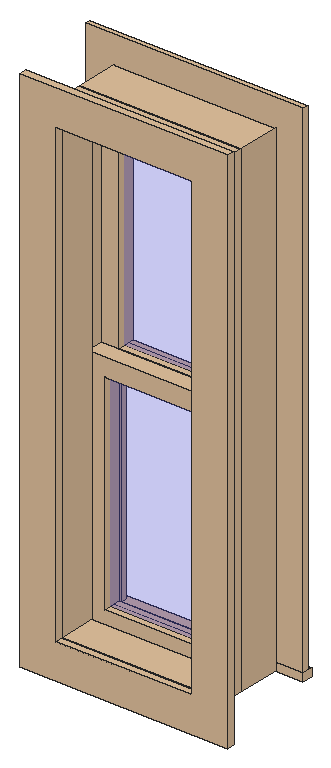
Revit family
Parameters (values of type "0406 x 1220mm")
  Glass Pane Material = Glass
  Height = 1220.00 mm
  Sash = Sash
  Default Sill Height = 915.00 mm
  Trim Exterior Material = Trim
  Trim Interior Material = Trim
  Trim Projection - Ext. = 13.00 mm
  Trim Projection - Int. = 19.00 mm
  Trim Width - Exterior = 89.00 mm
  Trim Width - Interior = 89.00 mm
  Wall Closure = (empty or 0)
  Width = 406.00 mm
  Window Inset = 19.00 mm
Types (10, lengths in mm): name | Height | Default Sill Height | Width
  (no name) | 1220.00 | 915.00 | 406.00
  0915 x 1220mm | 1220.00 | 915.00 | 915.00
  0610 x 1220mm | 1220.00 | 915.00 | 610.00
  0610 x 0610mm | 610.00 | 915.00 | 610.00
  0406 x 0610mm | 610.00 | 915.00 | 406.00
  0406 x 1220mm | 1220.00 | 915.00 | 406.00
  0406 x 1830mm | 1830.00 | 305.00 | 406.00
  0610 x 1830mm | 1830.00 | 305.00 | 610.00
  0915 x 0610mm | 610.00 | 915.00 | 915.00
  0915 x 1830mm | 1830.00 | 305.00 | 915.00
Reference planes
  plane 1: y = 0
  plane 2: z = 0
  plane 3 "Center": x = 0
  plane 4 "Left": x = -203
  plane 5 "Right": x = 203
  plane 6 "Sill": z = 915
  plane 7 "Top": z = 2135
  plane 8: y = 101.6
  plane 9: y = -101.6
  plane 10: y = 82.6
  plane 11: z = 1525
  plane 12: x = -183.95
  plane 13: x = -272.95
  plane 14: x = -260.25
  plane 15: x = -171.25
  plane 16: x = 273.05
  plane 17: x = 272.95
  plane 18: x = 171.25
  plane 19: x = 260.25
  plane 20: x = 183.95
  plane 21: z = 2204.95
  plane 22: z = 2192.25
  plane 23: z = 2115.95
  plane 24: z = 857.75
  plane 25: z = 946.75
  plane 26: z = 2103.25
  plane 27 "Closure": y = 9.575
Forms (mm)
  Extrusion 1, solid, material "Trim" <- "Trim Exterior Material"
    sketch origin (0, 0, 0) x (1, 0, 0) y (0, 0, 1)
      loop
        line (-203, 2135) -> (-203, 915) -> (203, 915) -> (203, 2135) -> (-203, 2135)
      loop
        line (-183.95, 2115.95) -> (-183.95, 934.05) -> (183.95, 934.05) -> (183.95, 2115.95) -> (-183.95, 2115.95)
    from -101.6 to 6.3
  Extrusion 2, solid, material "Trim" <- "Trim Interior Material"
    sketch origin (0, 0, 0) x (-1, 0, 0) y (0, 0, 1)
      loop
        line (-203, 2135) -> (-203, 915) -> (203, 915) -> (203, 2135) -> (-203, 2135)
      loop
        line (-171.25, 2103.25) -> (-171.25, 946.75) -> (171.25, 946.75) -> (171.25, 2103.25) -> (-171.25, 2103.25)
    from -6.3 to -101.6
  Extrusion 3, solid, material "Sash" <- "Sash"
    sketch origin (0, 0, 0) x (-1, 0, 0) y (0, 0, 1)
      loop
        line (-183.95, 2115.95) -> (-183.95, 1502.775) -> (183.95, 1502.775) -> (183.95, 2115.95) -> (-183.95, 2115.95)
      loop
        line (-139.5, 2071.5) -> (-139.5, 1547.225) -> (139.5, 1547.225) -> (139.5, 2071.5) -> (-139.5, 2071.5)
    from 38.15 to 82.6
  Extrusion 4, solid, material "Glass" <- "Glass Pane Material"
    sketch origin (-124.971, 0, -117.036) x (1, 0, 0) y (0, 0, 1)
      loop
        line (-14.529, 2188.536) -> (-14.529, 1664.261) -> (264.471, 1664.261) -> (264.471, 2188.536) -> (-14.529, 2188.536)
    from -66.725 to -54.025
  Extrusion 5, solid, material "Trim" <- "Trim Interior Material"
    sketch origin (0, 0, 0) x (1, 0, 0) y (0, 0, 1)
      loop
        line (-171.25, 2103.25) -> (-171.25, 946.75) -> (171.25, 946.75) -> (171.25, 2103.25) -> (-171.25, 2103.25)
      loop
        line (-260.25, 2192.25) -> (-260.25, 857.75) -> (260.25, 857.75) -> (260.25, 2192.25) -> (-260.25, 2192.25)
    from 101.6 to 120.6
  Extrusion 6, solid, material "Trim" <- "Trim Exterior Material"
    sketch origin (0, 0, 0) x (-1, 0, 0) y (0, 0, 1)
      loop
        line (-183.95, 2115.95) -> (183.95, 2115.95) -> (183.95, 934.05) -> (272.95, 934.05) -> (272.95, 2204.95) -> (-272.95, 2204.95) -> (-272.95, 934.05) -> (-183.95, 934.05) -> (-183.95, 2115.95)
    from 101.6 to 114.6
  Extrusion 7, solid, material "Trim" <- "Trim Exterior Material"
    sketch origin (0, 0, 0) x (-1, 0, 0) y (0, 0, 1)
      loop
        line (-272.95, 934.05) -> (-272.95, 915) -> (272.95, 915) -> (272.95, 934.05) -> (-272.95, 934.05)
    from 101.6 to 127.3
  Extrusion 8, solid, material "Sash" <- "Sash"
    sketch origin (0, 0, 0) x (-1, 0, 0) y (0, 0, 1)
      loop
        line (-183.95, 1547.225) -> (-183.95, 934.05) -> (183.95, 934.05) -> (183.95, 1547.225) -> (-183.95, 1547.225)
      loop
        line (-139.5, 1502.775) -> (-139.5, 978.5) -> (139.5, 978.5) -> (139.5, 1502.775) -> (-139.5, 1502.775)
    from -6.3 to 38.15
  Extrusion 9, solid, material "Glass" <- "Glass Pane Material"
    sketch origin (0, 0, 0) x (-1, 0, 0) y (0, 0, 1)
      loop
        line (-139.5, 978.5) -> (139.5, 978.5) -> (139.5, 1502.775) -> (-139.5, 1502.775) -> (-139.5, 978.5)
    from 9.575 to 22.275
Lines and regions (mm)
  Opening 1
    outline origin (-1524, -101.6, 0) x (1, 0, 0) y (0, 0, 1)
      loop
        line (1321, 2135) -> (1321, 915) -> (1727, 915) -> (1727, 2135) -> (1321, 2135)
  symbolic lines, style "WindowsFrameMullionProjection"
    curve 1: line (-203, 101.6, 0) -> (-183.95, 101.6, 0)
    curve 2: line (-183.95, -6.3, 0) -> (-183.95, 101.6, 0)
    curve 3: line (-183.95, -6.3, 0) -> (-171.25, -6.3, 0)
    curve 4: line (-171.25, -101.6, 0) -> (-171.25, -6.3, 0)
    curve 5: line (203, 101.6, 0) -> (183.95, 101.6, 0)
    curve 6: line (171.25, -6.3, 0) -> (171.25, -101.6, 0)
    curve 7: line (171.25, -6.3, 0) -> (183.95, -6.3, 0)
    curve 8: line (183.95, -6.3, 0) -> (183.95, 101.6, 0)
    curve 9: line (-183.95, 38.15, 0) -> (-139.5, 38.15, 0)
    curve 10: line (-183.95, 38.15, 0) -> (-183.95, -6.3, 0)
    curve 11: line (-183.95, -6.3, 0) -> (-139.5, -6.3, 0)
    curve 12: line (-139.5, 38.15, 0) -> (-139.5, -6.3, 0)
    curve 13: line (183.95, 38.15, 0) -> (139.5, 38.15, 0)
    curve 14: line (183.95, 38.15, 0) -> (183.95, -6.3, 0)
    curve 15: line (183.95, -6.3, 0) -> (139.5, -6.3, 0)
    curve 16: line (139.5, 38.15, 0) -> (139.5, -6.3, 0)
    curve 18: line (-171.25, -101.6, 0) -> (-203, -101.6, 0)
    curve 19: line (171.25, -101.6, 0) -> (203, -101.6, 0)
  symbolic lines, style "WindowsGlassProjection"
    curve 17: line (-139.5, 15.925, 0) -> (139.5, 15.925, 0)
Text (mm)
  text "EXTERIOR" at (-1437.207, 1172.171, 0), in view "Floor Line"
  text "INTERIOR" at (-1437.207, -972.33, 0), in view "Floor Line"
  text "Exterior" at (0, 1108.87, 3415.022), in view "Left"
  text "Exterior" at (0, 464.664, 3176.206), in view "Right"
Dimensions and locks
  equal spacing: plane 4 "Left", plane 3 "Center", plane 5 "Right"
  "Width": plane 4 "Left" to plane 5 "Right"
  "Window Inset": plane 8 to plane 10
  locked: plane 10 to Extrusion 3 at 44.45
  locked: plane 10 to Extrusion 4 at 15.875
  locked: Extrusion 4 to Extrusion 4 at 12.7
  "Trim Projection - Int.": Extrusion 5 to Extrusion 5
  "Trim Projection - Ext.": Extrusion 6 to Extrusion 6
  locked: Extrusion 7 sketch curve to Extrusion 1 at 19.05
  locked: Extrusion 7 to Extrusion 6 at 12.7
  equal spacing: plane 6 "Sill", plane 11, plane 7 "Top"
  Extrusion 3 sketch curve to plane 11 to Extrusion 3 sketch curve = 22.225 mm locked, 22.225 mm locked
  locked: Extrusion 8 to Extrusion 3 at 88.9
  locked: Extrusion 8 to Extrusion 8 at 44.45
  locked: Extrusion 9 to Extrusion 8 at 15.875
  locked: Extrusion 9 to Extrusion 9 at 12.7
  locked: plane 4 "Left" to plane 12 at 19.05
  locked: plane 20 to plane 5 "Right" at 19.05
  locked: plane 4 "Left" to plane 15 at 31.75
  locked: plane 18 to plane 5 "Right" at 31.75
  locked: plane 23 to plane 7 "Top" at 19.05
  "Trim Width - Exterior": plane 23 to plane 21
  "Trim Width - Exterior": plane 20 to plane 17
  "Trim Width - Exterior": plane 13 to plane 12
  locked: plane 25 to plane 6 "Sill" at 31.75
  "Trim Width - Interior": plane 25 to plane 24
  "Trim Width - Interior": plane 14 to plane 15
  "Trim Width - Interior": plane 18 to plane 19
  "Height": plane 7 "Top" to plane 6 "Sill"
  "Default Sill Height": plane 6 "Sill" to plane 2
  locked: plane 7 "Top" to plane 26 at 31.75
  "Trim Width - Interior": plane 22 to plane 26
  locked: plane 8 to plane 27 "Closure" at 92.025
  aligned and locked: plane 7 "Top" to Opening 1 sketch curve
  aligned and locked: plane 6 "Sill" to Opening 1 sketch curve  (x2)
  aligned and locked: plane 5 "Right" to Opening 1 sketch curve
  aligned and locked: plane 4 "Left" to Opening 1 sketch curve
  aligned and locked: plane 9 to host wall
  aligned and locked: host wall to Extrusion 2
  aligned and locked: plane 10 to Extrusion 3
  aligned and locked: plane 8 to host wall
  aligned and locked: host wall to Extrusion 1
  aligned and locked: Extrusion 4 sketch curve to Extrusion 3  (x4)
  aligned and locked: curve 5 to Extrusion 1  (x2)
  aligned and locked: curve 6 to Extrusion 2
  aligned and locked: curve 4 to Extrusion 2
  aligned and locked: Extrusion 3 to curve 16
  aligned and locked: Extrusion 1 to curve 11
  aligned and locked: Extrusion 1 to curve 7
  aligned and locked: Extrusion 5 sketch curve to Extrusion 2  (x4)
  aligned and locked: Extrusion 5 to host wall
  aligned and locked: Extrusion 6 sketch curve to Extrusion 1  (x4)
  aligned and locked: Extrusion 6 to host wall
  aligned and locked: Extrusion 7 sketch curve to Extrusion 6  (x2)
  aligned and locked: Extrusion 7 to host wall
  aligned and locked: Extrusion 1 to Extrusion 8 sketch curve
  aligned and locked: Extrusion 8 sketch curve to Extrusion 6  (x2)
  aligned and locked: Extrusion 8 sketch curve to Extrusion 3
  aligned and locked: Extrusion 2 to Extrusion 8
  aligned and locked: Extrusion 1 to Extrusion 2
  aligned and locked: Extrusion 9 sketch curve to Extrusion 8  (x2)
  aligned and locked: Extrusion 3 to Extrusion 9 sketch curve
  aligned and locked: curve 9 to Extrusion 9 sketch curve
Automatic sketch dimensions
  Extrusion 1 sketch curve to plane 4 "Left" = 0.00 mm
  Extrusion 1 sketch curve to plane 5 "Right" = 0.00 mm
  Extrusion 1 sketch curve to plane 4 "Left" = 19.05 mm
  plane 5 "Right" to Extrusion 1 sketch curve = 19.05 mm
  Extrusion 1 sketch curve to plane 6 "Sill" = 0.00 mm
  Extrusion 1 sketch curve to plane 7 "Top" = 0.00 mm
  Extrusion 1 sketch curve to plane 6 "Sill" = 19.05 mm
  plane 7 "Top" to Extrusion 1 sketch curve = 19.05 mm
  Extrusion 2 sketch curve to plane 5 "Right" = 0.00 mm
  Extrusion 2 sketch curve to plane 4 "Left" = 0.00 mm
  plane 5 "Right" to Extrusion 2 sketch curve = 31.75 mm
  Extrusion 2 sketch curve to plane 4 "Left" = 31.75 mm
  Extrusion 2 sketch curve to plane 6 "Sill" = 0.00 mm
  Extrusion 2 sketch curve to plane 7 "Top" = 0.00 mm
  Extrusion 2 sketch curve to plane 6 "Sill" = 31.75 mm
  plane 7 "Top" to Extrusion 2 sketch curve = 31.75 mm
  plane 5 "Right" to Extrusion 3 sketch curve = 19.05 mm
  Extrusion 3 sketch curve to Extrusion 3 sketch curve = 44.45 mm
  Extrusion 3 sketch curve to plane 4 "Left" = 63.50 mm
  Extrusion 3 sketch curve to plane 4 "Left" = 19.05 mm
  plane 7 "Top" to Extrusion 3 sketch curve = 63.50 mm
  plane 7 "Top" to Extrusion 3 sketch curve = 19.05 mm
  Extrusion 8 sketch curve to Extrusion 8 sketch curve = 44.45 mm  (x4)
  curve 18 to plane 4 "Left" = 0.00 mm
  curve 1 to plane 4 "Left" = 0.00 mm
  curve 2 to plane 8 = 0.00 mm
  curve 19 to plane 5 "Right" = 0.00 mm
  curve 2 to plane 4 "Left" = 19.05 mm
  curve 9 to curve 12 = 44.45 mm
  plane 5 "Right" to curve 13 = 19.05 mm
  curve 19 to plane 9 = 0.00 mm
  curve 4 to plane 9 = 0.00 mm
  curve 12 to curve 17 = 22.225 mm
  curve 17 to curve 13 = 22.225 mm
  curve 17 to curve 9 = 22.225 mm
  Extrusion 7 sketch curve to plane 13 = 0.00 mm
  Extrusion 5 sketch curve to plane 14 = 0.00 mm
  Extrusion 5 sketch curve to plane 19 = 0.00 mm
  Extrusion 5 sketch curve to plane 24 = 0.00 mm
  Extrusion 5 sketch curve to plane 22 = 0.00 mm
  Extrusion 6 sketch curve to plane 17 = 0.00 mm
  Extrusion 6 sketch curve to plane 13 = 0.00 mm
  Extrusion 6 sketch curve to plane 21 = 0.00 mm
  Extrusion 6 sketch curve to plane 6 "Sill" = 19.05 mm
